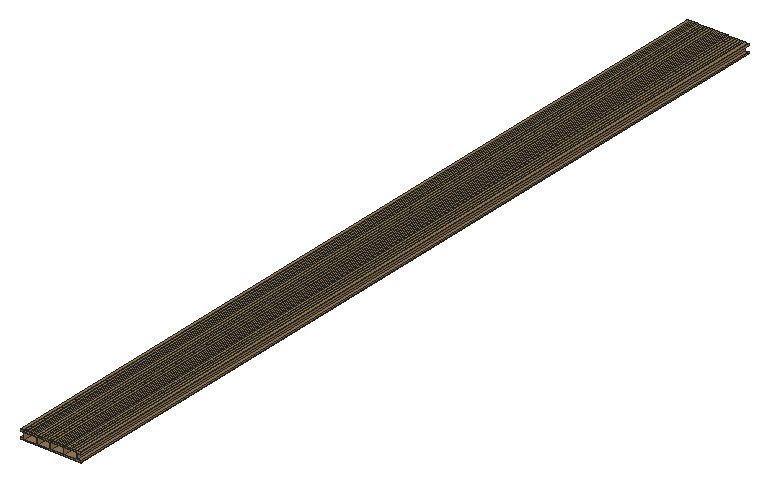
Revit family "221010021038299", category Modelos genéricos, Revit 2018
Family settings
  Puede alojar armadura = No
  Cota de conector redondo = Diámetro de uso
  Tipo de pieza = Normal
  Se basa en plano de trabajo = No
  Siempre vertical = No
  Corte con vacíos al cargar = No
  Compartido = No
  Punto de cálculo de habitación = No
Parameters (values of type "DECK RAINBODECK HPC 160X25MM CHOCOLATE TIRA 2.2MT")
  Ventajas = ""
  Uso = "Producto fabricado en tablas de HPC High Performance Composite, y es una alternativa a la madera tradicional. Debido a su formulación hPC, es un producto innovador, ya que combina la apariencia y nobleza de la madera, con la resistencia y la durabilidad de los polimeros. Siendo un producto de más larga duración y menor mantención."
  Unidad = "Tiras de 2.20 Mts"
  URL = "https://www.empresascnp.cl/"
  Num SKUs = "221010021038299"
  Nombre SKU = "DECK RAINBODECK HPC 160X25MM CHOCOLATE TIRA 2.2MT"
  Model = "DECK RAINBODECK HPC"
  Material = HPC Chocolate
  Url Ficha tecnica = "https://empresascnp.cl/wp-content/uploads//pdf/ficha-tecnica-deck-rainbodeck-hpc-160x25mm-chocolate-tira-2-2mt.pdf"
  Largo = 2200.00 mm
  Espesor = 25.00 mm
  Empresa = "CNP SPA."
  Dureza = ""
  Dimension = 160.00 mm
  Description = "DECK RAINBODECK HPC"
  Contacto = "info@empresascnp.cl"
  Color = "Chocolate"
  Aplicacion = "Tabla deck Rainbodeck Hpc"
  Alto = 25.00 mm
Reference planes
  plane 1 "Center F/B": y = 0
  plane 2: z = 0
  plane 3 "Center L/R": x = 0
  plane 4: z = -25
  plane 5 "2": y = 1100
  plane 6 "3": y = -1100
  plane 7: x = 160
  plane 8: z = -2
  plane 9 "4": x = 2
Forms (mm)
  Extrusion 1, solid, material "HPC Chocolate" <- "Material"
    sketch origin (0, 0, 0) x (1, 0, 0) y (0, 0, 1)
      loop
        arc (1, 0) -> (0.293, -0.293) -> (0, -1) r 1
        line (0, -1) -> (0, -6.5) -> (8, -6.5) -> (8, -19.125) -> (0, -19.125) -> (0, -24)
        arc (0, -24) -> (0.293, -24.707) -> (1, -25) r 1
        line (1, -25) -> (159, -25)
        arc (159, -25) -> (159.707, -24.707) -> (160, -24) r 1
        line (160, -24) -> (160, -19.125) -> (152, -19.125) -> (152, -6.5) -> (160, -6.5) -> (160, -1)
        arc (160, -1) -> (159.707, -0.293) -> (159, 0) r 1
        line (159, 0) -> (151, 0)
        arc (151, 0) -> (150, -1) -> (149, 0) r 1
        line (149, 0) -> (143.632, 0)
        arc (143.632, 0) -> (142.632, -1) -> (141.632, 0) r 1
        line (141.632, 0) -> (136.263, 0)
        arc (136.263, 0) -> (135.263, -1) -> (134.263, 0) r 1
        line (134.263, 0) -> (128.895, 0)
        arc (128.895, 0) -> (127.895, -1) -> (126.895, 0) r 1
        line (126.895, 0) -> (121.526, 0)
        arc (121.526, 0) -> (120.526, -1) -> (119.526, 0) r 1
        line (119.526, 0) -> (114.158, 0)
        arc (114.158, 0) -> (113.158, -1) -> (112.158, 0) r 1
        line (112.158, 0) -> (106.789, 0)
        arc (106.789, 0) -> (105.789, -1) -> (104.789, 0) r 1
        line (104.789, 0) -> (99.421, 0)
        arc (99.421, 0) -> (98.421, -1) -> (97.421, 0) r 1
        line (97.421, 0) -> (92.053, 0)
        arc (92.053, 0) -> (91.053, -1) -> (90.053, 0) r 1
        line (90.053, 0) -> (84.684, 0)
        arc (84.684, 0) -> (83.684, -1) -> (82.684, 0) r 1
        line (82.684, 0) -> (77.316, 0)
        arc (77.316, 0) -> (76.316, -1) -> (75.316, 0) r 1
        line (75.316, 0) -> (69.947, 0)
        arc (69.947, 0) -> (68.947, -1) -> (67.947, 0) r 1
        line (67.947, 0) -> (62.579, 0)
        arc (62.579, 0) -> (61.579, -1) -> (60.579, 0) r 1
        line (60.579, 0) -> (55.211, 0)
        arc (55.211, 0) -> (54.211, -1) -> (53.211, 0) r 1
        line (53.211, 0) -> (47.842, 0)
        arc (47.842, 0) -> (46.842, -1) -> (45.842, 0) r 1
        line (45.842, 0) -> (40.474, 0)
        arc (40.474, 0) -> (39.474, -1) -> (38.474, 0) r 1
        line (38.474, 0) -> (33.105, 0)
        arc (33.105, 0) -> (32.105, -1) -> (31.105, 0) r 1
        line (31.105, 0) -> (25.737, 0)
        arc (25.737, 0) -> (24.737, -1) -> (23.737, 0) r 1
        line (23.737, 0) -> (18.368, 0)
        arc (18.368, 0) -> (17.368, -1) -> (16.368, 0) r 1
        line (16.368, 0) -> (11, 0)
        arc (11, 0) -> (10, -1) -> (9, 0) r 1
        line (9, 0) -> (1, 0)
      loop
        line (149.5, -22.5) -> (149.5, -3.125) -> (116, -3.125) -> (116, -22.5) -> (149.5, -22.5)
      loop
        line (81.25, -3.125) -> (81.25, -22.5) -> (113.5, -22.5) -> (113.5, -3.125) -> (81.25, -3.125)
      loop
        line (78.75, -22.5) -> (78.75, -3.125) -> (46.5, -3.125) -> (46.5, -22.5) -> (78.75, -22.5)
      loop
        line (10.5, -3.125) -> (10.5, -22.5) -> (44, -22.5) -> (44, -3.125) -> (10.5, -3.125)
    from -1100 to 1100
Dimensions and locks
  "Alto": level to plane 4
  equal spacing: plane 6 "3", plane 1 "Center F/B", plane 5 "2"
  "Largo": plane 6 "3" to plane 5 "2"
  "Dimension": plane 7 to plane 3 "Center L/R"
Automatic sketch dimensions
  Extrusion 1 sketch curve to plane 3 "Center L/R" = 0.00 mm  (x2)
  Extrusion 1 sketch curve to level = 0.00 mm  (x2)
  Extrusion 1 sketch curve to plane 4 = 0.00 mm
  Extrusion 1 sketch curve to plane 7 = 0.00 mm
  plane 7 to Extrusion 1 sketch curve = 0.00 mm
  Extrusion 1 sketch curve to level = 1.00 mm
  plane 3 "Center L/R" to Extrusion 1 sketch curve = 1.00 mm
  plane 9 "4" to Extrusion 1 sketch curve = 6.00 mm
  plane 9 "4" to Extrusion 1 sketch curve = 7.00 mm
  Extrusion 1 sketch curve to Extrusion 1 sketch curve = 1.00 mm  (x22)
  Extrusion 1 sketch curve to Extrusion 1 sketch curve = 2.50 mm  (x5)
  Extrusion 1 sketch curve to Extrusion 1 sketch curve = 5.368 mm  (x18)
  Extrusion 1 sketch curve to Extrusion 1 sketch curve = 3.526 mm
  Extrusion 1 sketch curve to Extrusion 1 sketch curve = 1.434 mm  (x2)
  Extrusion 1 sketch curve to Extrusion 1 sketch curve = 1.342 mm
  plane 8 to Extrusion 1 sketch curve = 1.125 mm  (x4)
  Extrusion 1 sketch curve to Extrusion 1 sketch curve = 5.868 mm
  Extrusion 1 sketch curve to plane 4 = 2.50 mm  (x2)
  Extrusion 1 sketch curve to Extrusion 1 sketch curve = 0.00 mm  (x2)
  Extrusion 1 sketch curve to Extrusion 1 sketch curve = 3.375 mm
  Extrusion 1 sketch curve to Extrusion 1 sketch curve = 4.875 mm
  plane 8 to Extrusion 1 sketch curve = 4.50 mm
  Extrusion 1 sketch curve to Extrusion 1 sketch curve = 12.625 mm
